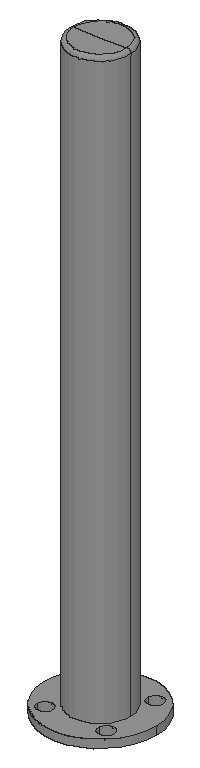
Revit family "10248 Столбик парковочный нержавеющий Плоский Хоббика", category Антураж, Revit 2018
Family settings
  На основе рабочей плоскости = Нет
  Всегда вертикально = Да
  При загрузке вырезать с полостями = Нет
  Источник визуального образа = Геометрия семейства
  Общий = Нет
  Точка расчета площади = Нет
Parameters (values of type "Столбик парковочный нержавеющий Плоский")
  Ширина = Диаметр  # 76 mm
  Цвет каркаса = Сталь
  Описание = "Столбик парковочный нержавеющий Плоский"  # constant formula
  Материал изделия = "Сталь"  # constant formula
  Изображение типоразмера = Столбик парковочный нержавеющий Плоский Арт 10248.jpg
  Изготовитель = "ООО «Хоббика»"  # constant formula
  Длина = Диаметр  # 76 mm
  Диаметр = 76 mm  # constant formula
  Группа модели = "Тротуарные столбики и ограждения"  # constant formula
  Высота = 750 mm  # constant formula
  Артикул товара = "Арт. 10248"  # constant formula
  URL = "https://hobbyka.ru/product/stolbik_parkovochnyy_nerzhaveyushchiy_ploskiy"
Reference planes
  plane 1 "По центру (Вперед/Назад)": y = 0
  plane 2: z = 0
  plane 3 "По центру (Влево/Вправо)": x = 0
  plane 4: y = 76
  plane 5: x = 76
  plane 6: z = 750
Forms (mm)
  Extrusion 1, solid, material "Сталь" <- "Цвет каркаса"
    sketch origin (0, 0, 0) x (1, 0, 0) y (0, 1, 0)
      loop
        circle (38, 38) r 70
      loop
        circle (0, 76) r 10
      loop
        circle (76, 76) r 10
      loop
        circle (0, 0) r 10
      loop
        circle (76, 0) r 10
    from 0 to 10
  Revolve 2, solid, material "Сталь" <- "Цвет каркаса"
    sketch origin (0, 38, 0) x (1, 0, 0) y (0, 0, 1)
      loop
        arc (76, 745) -> (74.536, 748.536) -> (71, 750) r 5
        line (71, 750) -> (38, 750) -> (38, 10) -> (76, 10) -> (76, 745)
      axis (38, 750) -> (38, 10)
    angle from 0 to 360
Lines and regions (mm)
  reference lines
    curve 1: circle (38, 38, 0) r 38 normal (0, 0, 1)
Dimensions and locks
  "Ширина": plane 4 to plane 1 "По центру (Вперед/Назад)"
  "Длина": plane 3 "По центру (Влево/Вправо)" to plane 5
  "Высота": plane 6 to plane 2
  "Диаметр": diameter of curve 1
  diameter of Extrusion 1 sketch curve = 140 mm
  aligned and locked: level to plane 2
  aligned and locked: Revolve 2 sketch curve to Extrusion 1
Automatic sketch dimensions
  plane 3 "По центру (Влево/Вправо)" to curve 1 = 38 mm
  curve 1 to plane 1 "По центру (Вперед/Назад)" = 38 mm
  Revolve 2 sketch curve to plane 6 = 0 mm  (x2)
  Revolve 2 sketch curve to plane 5 = 0 mm
  Revolve 2 sketch curve to Revolve 2 sketch curve = 5 mm
  Revolve 2 sketch curve to Revolve 2 sketch curve = 38 mm
  Revolve 2 sketch curve to Revolve 2 sketch curve = 0 mm
  Revolve 2 sketch curve to Revolve 2 sketch curve = 195 mm
  Extrusion 1 sketch curve to plane 3 "По центру (Влево/Вправо)" = 0 mm  (x2)
  plane 1 "По центру (Вперед/Назад)" to Extrusion 1 sketch curve = 0 mm  (x2)
  Extrusion 1 sketch curve to plane 5 = 0 mm  (x2)
  Extrusion 1 sketch curve to plane 4 = 0 mm  (x2)
  plane 3 "По центру (Влево/Вправо)" to Extrusion 1 sketch curve = 38 mm
  Extrusion 1 sketch curve to plane 1 "По центру (Вперед/Назад)" = 38 mm
  radius of Extrusion 1 sketch curve = 10 mm  (x4)
